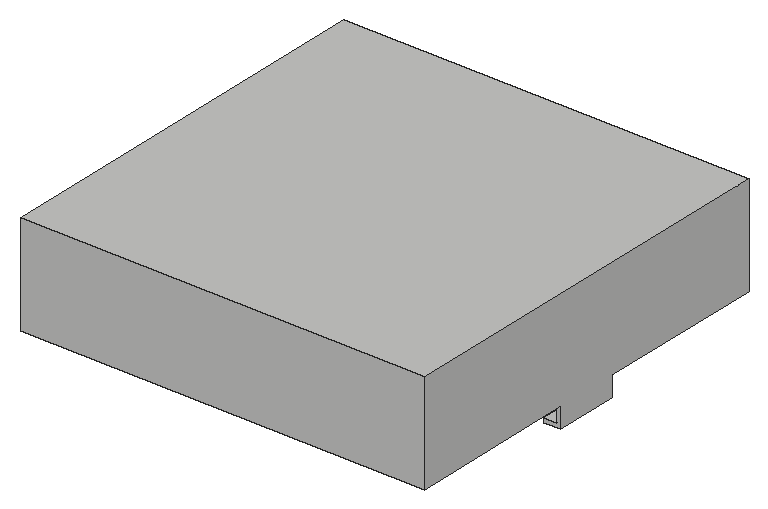
Revit family "Access_Panel-Wall_Ceiling_Door-Activar-Interior_Access-FDP", category Doors, host Face, Revit 2012
Parameters (values of type "See Type Catalog")
  ecoScorecard_data = ""
  ecoScorecard Product Page = "http://ecoscorecard.com/"
  Width = 10"
  Warranty URL = "http://www.activarcpg.com/sites/default/files/warranty/jl-industries/JL%20AP%20Warranty.pdf"
  URL = "http://www.activarcpg.com/"
  Submittal URL = "http://www.activarcpg.com/sites/default/files/submittals/JL/Access%20Panels/Access%20Panel_FDW_and_FDP_Submittal.pdf"
  Subcategory = "Access Panels"
  Shipping Weight = 6.00 lbf
  Rough Width = 9 5/8"
  Rough Height = 9 5/8"
  Product Page URL = "http://www.activarcpg.com/jl-industries/product/fdp"
  Product Line = "Fire-Rated Access Panels"
  Plasterguard Installation = yes
  Panel Type Use = "Plaster (Wall or Ceiling)"
  Options = "Additional Colors, Galvanized Finish, Mortise Slam Lock Prep (U3) or Mortise Slam Lock Installed (U4)."  # constant formula
  Opening Gap = 13/16"
  Number of Latches = 1
  Model = "FDP-0808UW"
  Manufacturer Toll Free Phone = "800-554-6077"
  Manufacturer Phone = "952-835-6850"
  Manufacturer Fax = "952-835-2218"
  Manufacturer Email = "mailto:Sales@activarcpg.com"
  Manufacturer Address = "9702 Newton Av S, Bloomington MN 55431"  # constant formula
  Manufacturer = "Activar Construction Products Group"  # constant formula
  Maitenance URL = "http://www.activarcpg.com/sites/default/files/InstallationMaint/JL/Access%20Panel%20Cleaning%20and%20Maintenance.pdf"
  Installation URL = ""
  Height = 10"
  Hardware = "Universal turn ring and key lock (U)."
  Frame = "16 gauge with 3/4” deep trim for application of plaster."  # constant formula
  Fire Rating Wall Installation = "1-1/2 hour UL“B” label in a 2 hour fire barrier. File # R13067-1. Maximum size 48” x 48”."
  Fire Rating Ceiling Installation = "Warnock Hersey listed for ceiling installations with 3 hour non-combustible rating or 1 hour combustible rating. File # WHI-495-PSH-0163. Maximum size 24” x 36”"
  Finish [instance] = Paint - Activar - Gray Powder Coat Primer
  Door = "2” thick, insulated 20 gauge steel with continuous hinge."
  Description = "Fire-Rated & Insulated Concealed Frame Access Panel"
  Default Elevation = 48"
  Custom Size Note = "Custom sizes are available.  Contact manufacturer for availability."  # constant formula
  Cost Info = "mailto:Sales@activarcpg.com"
  Color Availability = "Red (R), Black (BK), Flat Black (FB), Sand (S), AMS Beige (AB), SC Flat Beige (SB), Gray (G), Bronze (B), Silver (SI)"  # constant formula
  CSFM = "This product has been approved by the California State Fire Marshall (CSFM) pursuant to Section 13144.1 of the California Health and Safety Code. See CSFM Listing No 3330-1223:101 for allowable values and/or "
  Assembly Code = "C1020700"
  Anchors Available = "Masonry Anchors Standard"  # constant formula
  Additional Info URL = "http://www.activarcpg.com/sites/default/files/Specifications/Access%20Panels.doc"
  95 CSI = "08310"
  04 CSI = "08 31 16"
Reference planes (in)
  plane 1 "Center (Front/Back)": y = 0
  plane 2 "Not Reference": z = 0
  plane 3 "Center (Left/Right)": x = 0
  plane 4 "Left Opening": x = -4.8125
  plane 5 "Right Opening": x = 4.8125
  plane 6 "Top Opening": y = 4.8125
  plane 7 "Bottom Opening": y = -4.8125
  plane 8 "Host Level": z = 0
  plane 9 "Top": y = 5
  plane 10 "Base": y = -5
  plane 11 "Left": x = -5
  plane 12 "Right": x = 5
  plane 13: x = -4
  plane 14: x = 4
  plane 15: y = 4
  plane 16: y = -4
  plane 17: x = 3.59375
  plane 18 "Void Depth": z = -26
  plane 19: z = -0.75
  plane 20: z = -0.8
  plane 21: z = -2
  plane 22 "Front Void Top": z = 0.60508
Forms (in)
  Extrusion 1, void
    sketch origin (0, 0, 0) x (1, 0, 0) y (0, 1, 0)
      loop
        line (-4.8125, 4.8125) -> (-4.8125, -4.8125) -> (4.8125, -4.8125) -> (4.8125, 4.8125) -> (-4.8125, 4.8125)
    from -0.75 to -26
  Extrusion 2, solid, material "Paint - Activar - Gray Powder Coat Primer" <- "Finish"
    sketch origin (0, 0, 0) x (1, 0, 0) y (0, 1, 0)
      loop
        line (-4, 4) -> (-4, -4) -> (4, -4) -> (4, 4) -> (-4, 4)
    from -2 to 0
  Extrusion 3, solid, material "Paint - Activar - Gray Powder Coat Primer" <- "Finish"
    sketch origin (-0.16166, 0, 0.00229) x (1, 0, 0) y (0, 0, 1)
      loop
        line (4.16166, -2.00229) -> (4.07939, -2.00229) -> (4.07939, -2.31882) -> (3.82939, -2.31882) -> (3.82939, -2.40674) -> (4.16166, -2.40674) -> (4.16166, -2.00229)
    from -0.62189 to 0.63193
  Extrusion 4, void
    sketch origin (0, 0, 28) x (1, 0, 0) y (0, 1, 0)
      loop
        line (-4, 4) -> (-4, -4) -> (4, -4) -> (4, 4) -> (-4, 4)
    from -27.39492 to -28.75
Cuts and joins
  Extrusion 4 cuts Extrusion 3
  joined: Extrusion 2, Extrusion 3
Lines and regions (in)
  Masking region 1
    outline origin (0, 0, 0) x (1, 0, 0) y (0, 1, 0)
      loop
        line (-4, 4) -> (-4, -4) -> (4, -4) -> (4, 4) -> (-4, 4)
  Masking region 2
    outline origin (0, 5, 0) x (-1, 0, 0) y (0, 0, 1)
      loop
        line (-4, 0) -> (-4, -0.75) -> (-5, -0.75) -> (-5, -0.8) -> (-4, -0.8) -> (-4, -2.40446) -> (-3.66773, -2.40446) -> (-3.66773, -2.31653) -> (-3.91773, -2.31653) -> (-3.91773, -2) -> (3.91773, -2) -> (3.91773, -2.31653) -> (3.66773, -2.31653) -> (3.66773, -2.40446) -> (4, -2.40446) -> (4, -0.8) -> (5, -0.8) -> (5, -0.75) -> (4, -0.75) -> (4, 0) -> (-4, 0)
  model lines, detail levels medium+fine
    curve 1: line (3.8125, -3.8125, 0) -> (-3.8125, -3.8125, 0)
    curve 2: line (-3.8125, 3.8125, 0) -> (3.8125, 3.8125, 0)
    curve 3: line (-3.8125, -3.8125, 0) -> (-3.8125, 3.8125, 0)
    curve 4: line (3.8125, 3.8125, 0) -> (3.8125, -3.8125, 0)
  symbolic lines, detail levels medium+fine
    curve 5: line (-4.8125, 0, 0) -> (4.8125, 0, 0)
    curve 27: line (-4, 5, -0.125) -> (4, 5, -0.125)
    curve 28: line (3.8125, -3.8125, 0) -> (-3.8125, -3.8125, 0)
    curve 29: line (-3.8125, 3.8125, 0) -> (3.8125, 3.8125, 0)
    curve 30: line (-3.8125, -3.8125, 0) -> (-3.8125, 3.8125, 0)
    curve 31: line (3.8125, 3.8125, 0) -> (3.8125, -3.8125, 0)
  symbolic lines, detail levels fine
    curve 6: line (-4, 4.8125, 0) -> (-4, 4, 0)
    curve 10: circle (3.59375, 0, 0) r 0.18015 normal (0, 0, 1)
    curve 11: line (3.41541, 0.02549, 0) -> (3.77209, 0.02549, 0)
    curve 12: line (3.41541, -0.02549, 0) -> (3.77209, -0.02549, 0)
    curve 25: line (-4, 5, -2) -> (-3.91773, 5, -2)
    curve 26: line (4, 5, -2) -> (3.91773, 5, -2)
  model lines, detail levels fine
    curve 7: circle (3.59375, 0, 0) r 0.18015 normal (0, 0, 1)
    curve 8: line (3.41541, -0.02549, 0) -> (3.77209, -0.02549, 0)
    curve 9: line (3.41541, 0.02549, 0) -> (3.77209, 0.02549, 0)
  symbolic lines
    curve 13: line (-4, 5, 0) -> (4, 5, 0)
    curve 14: line (-5, -4, 0) -> (-5, 4, 0)
    curve 15: line (4, -5, 0) -> (-4, -5, 0)
    curve 16: line (5, 4, 0) -> (5, -4, 0)
    curve 17: line (-4, 5, 0) -> (-4, 4, 0)
    curve 18: line (-4, 4, 0) -> (-5, 4, 0)
    curve 19: line (4, 5, 0) -> (4, 4, 0)
    curve 20: line (4, 4, 0) -> (5, 4, 0)
    curve 21: line (5, -4, 0) -> (4, -4, 0)
    curve 22: line (4, -4, 0) -> (4, -5, 0)
    curve 23: line (-4, -5, 0) -> (-4, -4, 0)
    curve 24: line (-4, -4, 0) -> (-5, -4, 0)
    curve 32: line (-4, 0, 0) -> (-4, 0, 8)
    curve 33: arc (4, 0, 0) -> (1.65685, 0, 5.65685) -> (-4, 0, 8) r 8
Dimensions and locks (in)
  equal spacing: plane 4 "Left Opening", plane 3 "Center (Left/Right)", plane 5 "Right Opening"
  equal spacing: plane 6 "Top Opening", plane 1 "Center (Front/Back)", plane 7 "Bottom Opening"
  "Rough Width": plane 4 "Left Opening" to plane 5 "Right Opening"
  "Rough Height": plane 6 "Top Opening" to plane 7 "Bottom Opening"
  equal spacing: plane 11 "Left", plane 3 "Center (Left/Right)", plane 12 "Right"
  "Height": plane 9 "Top" to plane 10 "Base"
  "Width": plane 11 "Left" to plane 12 "Right"
  equal spacing: plane 9 "Top", plane 1 "Center (Front/Back)", plane 10 "Base"
  locked: plane 17 to plane 5 "Right Opening" at 1.21875
  "Opening Gap": plane 14 to plane 5 "Right Opening"
  "Opening Gap": plane 4 "Left Opening" to plane 13
  "Opening Gap": plane 6 "Top Opening" to plane 15
  "Opening Gap": plane 16 to plane 7 "Bottom Opening"
  plane 18 "Void Depth" to host face = 26"
  locked: plane 8 "Host Level" to plane 19 at 0.75
  locked: plane 19 to plane 20 at 0.05
  locked: plane 8 "Host Level" to plane 21 at 2
  locked: plane 8 "Host Level" to curve 27 at 0.125
  locked: curve 2 to plane 15 at 0.1875
  locked: curve 4 to plane 14 at 0.1875
  locked: plane 13 to curve 3 at 0.1875
  locked: curve 1 to plane 16 at 0.1875
  locked: plane 13 to curve 30 at 0.1875
  locked: curve 31 to plane 14 at 0.1875
  locked: curve 29 to plane 15 at 0.1875
  locked: curve 28 to plane 16 at 0.1875
  locked: plane 22 "Front Void Top" to plane 8 "Host Level" at 0.60508
  locked: plane 21 to Extrusion 3 sketch curve at 0.40446
  locked: Extrusion 3 sketch curve to Extrusion 3 sketch curve at 0.08792
  locked: plane 14 to Extrusion 3 sketch curve at 0.08227
  locked: plane 14 to Extrusion 3 sketch curve at 0.33227
  radius of curve 10 = 0.18015"
  radius of curve 7 = 0.18015"
  aligned and locked: plane 2 "Not Reference" to host face
  aligned and locked: level to host face
  aligned and locked: plane 4 "Left Opening" to Extrusion 1 sketch curve
  aligned and locked: Extrusion 1 sketch curve to plane 5 "Right Opening"
  aligned and locked: Extrusion 1 sketch curve to plane 6 "Top Opening"
  aligned and locked: plane 7 "Bottom Opening" to Extrusion 1 sketch curve
  aligned and locked: plane 2 "Not Reference" to plane 8 "Host Level"
  aligned and locked: plane 1 "Center (Front/Back)" to curve 7
  aligned and locked: plane 17 to curve 7
  aligned and locked: curve 9 to curve 11
  aligned and locked: curve 8 to curve 12
  aligned and locked: plane 13 to curve 6
  aligned and locked: plane 5 "Right Opening" to curve 5
  aligned and locked: plane 4 "Left Opening" to curve 5
  aligned and locked: Extrusion 1 to plane 18 "Void Depth"
  aligned and locked: plane 11 "Left" to curve 14
  aligned and locked: curve 13 to plane 9 "Top"
  aligned and locked: curve 16 to plane 12 "Right"
  aligned and locked: plane 10 "Base" to curve 15
  aligned and locked: Masking region 2 sketch curve to plane 12 "Right"
  aligned and locked: Masking region 2 sketch curve to plane 11 "Left"
  aligned and locked: plane 8 "Host Level" to curve 5
  aligned and locked: plane 13 to Extrusion 4 sketch curve
  aligned and locked: Extrusion 4 sketch curve to plane 15
  aligned and locked: Extrusion 4 sketch curve to plane 14
  aligned and locked: plane 16 to Extrusion 4 sketch curve
  aligned and locked: plane 13 to curve 25
  aligned and locked: curve 25 to plane 21
  aligned and locked: plane 14 to curve 26
  aligned and locked: curve 26 to cut or joined group of Extrusion 2, Extrusion 3, Extrusion 4
  aligned and locked: plane 21 to curve 26
  aligned and locked: plane 13 to curve 27
  aligned and locked: plane 14 to curve 27
  aligned and locked: curve 7 to curve 10
  aligned and locked: plane 19 to Extrusion 4
  aligned and locked: Extrusion 1 to plane 19
  aligned and locked: plane 22 "Front Void Top" to Extrusion 4
  aligned and locked: Extrusion 3 sketch curve to plane 14
  aligned and locked: Extrusion 3 sketch curve to plane 21
  aligned and locked: plane 14 to curve 33
  aligned and locked: plane 13 to curve 32
  aligned and locked: plane 8 "Host Level" to curve 32
Automatic sketch dimensions
  host sketch curve to host sketch curve = 14.64357"
  host sketch curve to host sketch curve = 14.46616"
  Extrusion 2 sketch curve to plane 13 = 0"
  Extrusion 2 sketch curve to plane 14 = 0"
  Extrusion 2 sketch curve to plane 16 = 0"
  Extrusion 2 sketch curve to plane 15 = 0"
  Masking region 1 sketch curve to plane 13 = 0"
  Masking region 1 sketch curve to plane 14 = 0"
  Masking region 1 sketch curve to plane 16 = 0"
  Masking region 1 sketch curve to plane 15 = 0"
  Masking region 2 sketch curve to plane 14 = 0"  (x2)
  Masking region 2 sketch curve to plane 21 = 0"
  Masking region 2 sketch curve to level = 0"
  Masking region 2 sketch curve to plane 13 = 0"  (x2)
  Masking region 2 sketch curve to plane 11 "Left" = 0"
  Masking region 2 sketch curve to plane 20 = 0"  (x2)
  Masking region 2 sketch curve to plane 19 = 0"  (x2)
  Masking region 2 sketch curve to plane 14 = 0.08227"
  plane 17 to Masking region 2 sketch curve = 0.07398"
  Masking region 2 sketch curve to Masking region 2 sketch curve = 0.33227"
  plane 13 to Masking region 2 sketch curve = 0.08227"
  Masking region 2 sketch curve to plane 21 = 0.31653"
  Masking region 2 sketch curve to Masking region 2 sketch curve = 0.31653"
  Masking region 2 sketch curve to Masking region 2 sketch curve = 0.08792"  (x2)
  curve 8 to curve 9 = 0"
  curve 8 to curve 7 = 0.02549"
  curve 23 to plane 13 = 0"
  curve 22 to plane 14 = 0"
  curve 13 to plane 14 = 0"
  curve 23 to plane 16 = 0"
  curve 21 to plane 16 = 0"
  curve 20 to plane 15 = 0"
  curve 6 to plane 15 = 0"
  curve 6 to plane 6 "Top Opening" = 0"
  plane 13 to curve 25 = 0.08227"
Types in the file's own list only (44): name | Width | Shipping Weight | Rough Width | Rough Height | Opening Gap | Number of Latches | Model | Height | CSFM
  Wall, 2 Hour Vertical Fire Barrier, 8" x 8" | 10" | 6.00 lb | 8 3/8" | 8 3/8" | 3/16" | 1 | "FDP-0808UW" | 10" | "This product has been approved by the California State Fire Marshall (CSFM) pursuant to Section 13144.1 of the California Health and Safety Code. See CSFM Listing No 3330-1223:101 for allowable values and/or"
  Wall, 2 Hour Vertical Fire Barrier, 10" x 10" | 12" | 8.00 lb | 10 3/8" | 10 3/8" | 3/16" | 1 | "FDP-1010UW" | 12" | "This product has been approved by the California State Fire Marshall (CSFM) pursuant to Section 13144.1 of the California Health and Safety Code. See CSFM Listing No 3330-1223:101 for allowable values and/or"
  Wall, 2 Hour Vertical Fire Barrier, 12" x 12" | 14" | 10.00 lb | 12 3/8" | 12 3/8" | 3/16" | 1 | "FDP-1212UW" | 14" | "This product has been approved by the California State Fire Marshall (CSFM) pursuant to Section 13144.1 of the California Health and Safety Code. See CSFM Listing No 3330-1223:101 for allowable values and/or"
  Wall, 2 Hour Vertical Fire Barrier, 14" x 14" | 16" | 12.00 lb | 14 3/8" | 14 3/8" | 3/16" | 1 | "FDP-1414UW" | 16" | "This product has been approved by the California State Fire Marshall (CSFM) pursuant to Section 13144.1 of the California Health and Safety Code. See CSFM Listing No 3330-1223:101 for allowable values and/or"
  Wall, 2 Hour Vertical Fire Barrier, 16" x 16" | 18" | 15.00 lb | 16 3/8" | 16 3/8" | 3/16" | 1 | "FDP-1616UW" | 18" | "This product has been approved by the California State Fire Marshall (CSFM) pursuant to Section 13144.1 of the California Health and Safety Code. See CSFM Listing No 3330-1223:101 for allowable values and/or"
  Wall, 2 Hour Vertical Fire Barrier, 18" x 18" | 20" | 17.00 lb | 18 3/8" | 18 3/8" | 3/16" | 1 | "FDP-1818UW" | 20" | "This product has been approved by the California State Fire Marshall (CSFM) pursuant to Section 13144.1 of the California Health and Safety Code. See CSFM Listing No 3330-1223:101 for allowable values and/or"
  Wall, 2 Hour Vertical Fire Barrier, 20" x 20" | 22" | 21.00 lb | 20 3/8" | 20 3/8" | 3/16" | 1 | "FDP-2020UW" | 22" | "This product has been approved by the California State Fire Marshall (CSFM) pursuant to Section 13144.1 of the California Health and Safety Code. See CSFM Listing No 3330-1223:101 for allowable values and/or"
  Wall, 2 Hour Vertical Fire Barrier, 20" x 30" | 22" | 28.00 lb | 20 3/8" | 30 3/8" | 3/16" | 1 | "FDP-2030UW" | 32" | "This product has been approved by the California State Fire Marshall (CSFM) pursuant to Section 13144.1 of the California Health and Safety Code. See CSFM Listing No 3330-1223:101 for allowable values and/or"
  Wall, 2 Hour Vertical Fire Barrier, 22" x 22" | 24" | 26.00 lb | 22 3/8" | 22 3/8" | 3/16" | 1 | "FDP-2222UW" | 24" | "This product has been approved by the California State Fire Marshall (CSFM) pursuant to Section 13144.1 of the California Health and Safety Code. See CSFM Listing No 3330-1223:101 for allowable values and/or"
  Wall, 2 Hour Vertical Fire Barrier, 22" x 30" | 24" | 29.00 lb | 22 3/8" | 30 3/8" | 3/16" | 1 | "FDP-2230UW" | 32" | "This product has been approved by the California State Fire Marshall (CSFM) pursuant to Section 13144.1 of the California Health and Safety Code. See CSFM Listing No 3330-1223:101 for allowable values and/or"
  Wall, 2 Hour Vertical Fire Barrier, 22" x 36" | 24" | 36.00 lb | 22 3/8" | 36 3/8" | 3/16" | 2 | "FDP-2236UW" | 38" | "This product has been approved by the California State Fire Marshall (CSFM) pursuant to Section 13144.1 of the California Health and Safety Code. See CSFM Listing No 3330-1223:101 for allowable values and/or"
  Wall, 2 Hour Vertical Fire Barrier, 24" x 24" | 26" | 27.00 lb | 24 3/8" | 24 3/8" | 3/16" | 1 | "FDP-2424UW" | 26" | "This product has been approved by the California State Fire Marshall (CSFM) pursuant to Section 13144.1 of the California Health and Safety Code. See CSFM Listing No 3330-1223:101 for allowable values and/or"
  Wall, 2 Hour Vertical Fire Barrier, 24" x 36" | 26" | 37.00 lb | 24 3/8" | 36 3/8" | 3/16" | 2 | "FDP-2436UW" | 38" | "This product has been approved by the California State Fire Marshall (CSFM) pursuant to Section 13144.1 of the California Health and Safety Code. See CSFM Listing No 3330-1223:101 for allowable values and/or"
  Wall, 2 Hour Vertical Fire Barrier, 24" x 48" | 26" | 54.00 lb | 24 3/8" | 48 3/8" | 3/16" | 2 | "FDP-2448UW" | 50" | "This product has been approved by the California State Fire Marshall (CSFM) pursuant to Section 13144.1 of the California Health and Safety Code. See CSFM Listing No 3330-1223:101 for allowable values and/or"
  Wall, 2 Hour Vertical Fire Barrier, 30" x 30" | 32" | 38.00 lb | 30 3/8" | 30 3/8" | 3/16" | 2 | "FDP-3030UW" | 32" | "This product has been approved by the California State Fire Marshall (CSFM) pursuant to Section 13144.1 of the California Health and Safety Code. See CSFM Listing No 3330-1223:101 for allowable values and/or"
  Wall, 2 Hour Vertical Fire Barrier, 32" x 32" | 34" | 43.00 lb | 32 3/8" | 32 3/8" | 3/16" | 2 | "FDP-3232UW" | 34" | "This product has been approved by the California State Fire Marshall (CSFM) pursuant to Section 13144.1 of the California Health and Safety Code. See CSFM Listing No 3330-1223:101 for allowable values and/or"
  Wall, 2 Hour Vertical Fire Barrier, 36" x 36" | 38" | 52.00 lb | 36 3/8" | 36 3/8" | 3/16" | 2 | "FDP-3636UW" | 38" | "This product has been approved by the California State Fire Marshall (CSFM) pursuant to Section 13144.1 of the California Health and Safety Code. See CSFM Listing No 3330-1223:101 for allowable values and/or"
  Wall, 2 Hour Vertical Fire Barrier, 36" x 48" | 38" | 61.00 lb | 36 3/8" | 48 3/8" | 3/16" | 2 | "FDP-3648UW" | 50" | "This product has been approved by the California State Fire Marshall (CSFM) pursuant to Section 13144.1 of the California Health and Safety Code. See CSFM Listing No 3330-1223:101 for allowable values and/or"
  Ceiling, 1 Hour Combustible, 8" x 8" | 10" | 6.00 lb | 8 3/8" | 8 3/8" | 3/16" | 1 | "FDP-0808UW" | 10" | "This product has been approved by the California State Fire Marshall (CSFM) pursuant to Section 13144.1 of the California Health and Safety Code. See CSFM Listing No 3330-1223:101 for allowable values and/or"
  Ceiling, 1 Hour Combustible, 10" x 10" | 12" | 8.00 lb | 10 3/8" | 10 3/8" | 3/16" | 1 | "FDP-1010UW" | 12" | "This product has been approved by the California State Fire Marshall (CSFM) pursuant to Section 13144.1 of the California Health and Safety Code. See CSFM Listing No 3330-1223:101 for allowable values and/or"
  Ceiling, 1 Hour Combustible, 12" x 12" | 14" | 10.00 lb | 12 3/8" | 12 3/8" | 3/16" | 1 | "FDP-1212UW" | 14" | "This product has been approved by the California State Fire Marshall (CSFM) pursuant to Section 13144.1 of the California Health and Safety Code. See CSFM Listing No 3330-1223:101 for allowable values and/or"
  Ceiling, 1 Hour Combustible, 14" x 14" | 16" | 12.00 lb | 14 3/8" | 14 3/8" | 3/16" | 1 | "FDP-1414UW" | 16" | "This product has been approved by the California State Fire Marshall (CSFM) pursuant to Section 13144.1 of the California Health and Safety Code. See CSFM Listing No 3330-1223:101 for allowable values and/or"
  Ceiling, 1 Hour Combustible, 16" x 16" | 18" | 15.00 lb | 16 3/8" | 16 3/8" | 3/16" | 1 | "FDP-1616UW" | 18" | "This product has been approved by the California State Fire Marshall (CSFM) pursuant to Section 13144.1 of the California Health and Safety Code. See CSFM Listing No 3330-1223:101 for allowable values and/or"
  Ceiling, 1 Hour Combustible, 18" x 18" | 20" | 17.00 lb | 18 3/8" | 18 3/8" | 3/16" | 1 | "FDP-1818UW" | 20" | "This product has been approved by the California State Fire Marshall (CSFM) pursuant to Section 13144.1 of the California Health and Safety Code. See CSFM Listing No 3330-1223:101 for allowable values and/or"
  Ceiling, 1 Hour Combustible, 20" x 20" | 22" | 21.00 lb | 20 3/8" | 20 3/8" | 3/16" | 1 | "FDP-2020UW" | 22" | "This product has been approved by the California State Fire Marshall (CSFM) pursuant to Section 13144.1 of the California Health and Safety Code. See CSFM Listing No 3330-1223:101 for allowable values and/or"
  Ceiling, 1 Hour Combustible, 20" x 30" | 22" | 28.00 lb | 20 3/8" | 30 3/8" | 3/16" | 1 | "FDP-2030UW" | 32" | "This product has been approved by the California State Fire Marshall (CSFM) pursuant to Section 13144.1 of the California Health and Safety Code. See CSFM Listing No 3330-1223:101 for allowable values and/or"
  Ceiling, 1 Hour Combustible, 22" x 22" | 24" | 26.00 lb | 22 3/8" | 22 3/8" | 3/16" | 1 | "FDP-2222UW" | 24" | "This product has been approved by the California State Fire Marshall (CSFM) pursuant to Section 13144.1 of the California Health and Safety Code. See CSFM Listing No 3330-1223:101 for allowable values and/or"
  Ceiling, 1 Hour Combustible, 22" x 30" | 24" | 29.00 lb | 22 3/8" | 30 3/8" | 3/16" | 1 | "FDP-2230UW" | 32" | "This product has been approved by the California State Fire Marshall (CSFM) pursuant to Section 13144.1 of the California Health and Safety Code. See CSFM Listing No 3330-1223:101 for allowable values and/or"
  Ceiling, 1 Hour Combustible, 22" x 36" | 24" | 36.00 lb | 22 3/8" | 36 3/8" | 3/16" | 2 | "FDP-2236UW" | 38" | "This product has been approved by the California State Fire Marshall (CSFM) pursuant to Section 13144.1 of the California Health and Safety Code. See CSFM Listing No 3330-1223:101 for allowable values and/or"
  Ceiling, 1 Hour Combustible, 24" x 24" | 26" | 27.00 lb | 24 3/8" | 24 3/8" | 3/16" | 1 | "FDP-2424UW" | 26" | "This product has been approved by the California State Fire Marshall (CSFM) pursuant to Section 13144.1 of the California Health and Safety Code. See CSFM Listing No 3330-1223:101 for allowable values and/or"
  Ceiling, 1 Hour Combustible, 24" x 36" | 26" | 37.00 lb | 24 3/8" | 36 3/8" | 3/16" | 2 | "FDP-2436UW" | 38" | "This product has been approved by the California State Fire Marshall (CSFM) pursuant to Section 13144.1 of the California Health and Safety Code. See CSFM Listing No 3330-1223:101 for allowable values and/or"
  Ceiling, 3 Hour Non_Combustible, 8" x 8" | 10" | 6.00 lb | 9 5/8" | 9 5/8" | 13/16" | 1 | "FDP-0808UW" | 10" | "This product has been approved by the California State Fire Marshall (CSFM) pursuant to Section 13144.1 of the California Health and Safety Code. See CSFM Listing No 3330-1223:101 for allowable values and/or"
  Ceiling, 3 Hour Non_Combustible, 10" x 10" | 12" | 8.00 lb | 11 5/8" | 11 5/8" | 13/16" | 1 | "FDP-1010UW" | 12" | "This product has been approved by the California State Fire Marshall (CSFM) pursuant to Section 13144.1 of the California Health and Safety Code. See CSFM Listing No 3330-1223:101 for allowable values and/or"
  Ceiling, 3 Hour Non_Combustible, 12" x 12" | 14" | 10.00 lb | 13 5/8" | 13 5/8" | 13/16" | 1 | "FDP-1212UW" | 14" | "This product has been approved by the California State Fire Marshall (CSFM) pursuant to Section 13144.1 of the California Health and Safety Code. See CSFM Listing No 3330-1223:101 for allowable values and/or"
  Ceiling, 3 Hour Non_Combustible, 14" x 14" | 16" | 12.00 lb | 15 5/8" | 15 5/8" | 13/16" | 1 | "FDP-1414UW" | 16" | "This product has been approved by the California State Fire Marshall (CSFM) pursuant to Section 13144.1 of the California Health and Safety Code. See CSFM Listing No 3330-1223:101 for allowable values and/or"
  Ceiling, 3 Hour Non_Combustible, 16" x 16" | 18" | 15.00 lb | 17 5/8" | 17 5/8" | 13/16" | 1 | "FDP-1616UW" | 18" | "This product has been approved by the California State Fire Marshall (CSFM) pursuant to Section 13144.1 of the California Health and Safety Code. See CSFM Listing No 3330-1223:101 for allowable values and/or"
  Ceiling, 3 Hour Non_Combustible, 18" x 18" | 20" | 17.00 lb | 19 5/8" | 19 5/8" | 13/16" | 1 | "FDP-1818UW" | 20" | "This product has been approved by the California State Fire Marshall (CSFM) pursuant to Section 13144.1 of the California Health and Safety Code. See CSFM Listing No 3330-1223:101 for allowable values and/or"
  Ceiling, 3 Hour Non_Combustible, 20" x 20" | 22" | 21.00 lb | 21 5/8" | 21 5/8" | 13/16" | 1 | "FDP-2020UW" | 22" | "This product has been approved by the California State Fire Marshall (CSFM) pursuant to Section 13144.1 of the California Health and Safety Code. See CSFM Listing No 3330-1223:101 for allowable values and/or"
  Ceiling, 3 Hour Non_Combustible, 20" x 30" | 22" | 28.00 lb | 21 5/8" | 31 5/8" | 13/16" | 1 | "FDP-2030UW" | 32" | "This product has been approved by the California State Fire Marshall (CSFM) pursuant to Section 13144.1 of the California Health and Safety Code. See CSFM Listing No 3330-1223:101 for allowable values and/or"
  Ceiling, 3 Hour Non_Combustible, 22" x 22" | 24" | 26.00 lb | 23 5/8" | 23 5/8" | 13/16" | 1 | "FDP-2222UW" | 24" | "This product has been approved by the California State Fire Marshall (CSFM) pursuant to Section 13144.1 of the California Health and Safety Code. See CSFM Listing No 3330-1223:101 for allowable values and/or"
  Ceiling, 3 Hour Non_Combustible, 22" x 30" | 24" | 29.00 lb | 23 5/8" | 31 5/8" | 13/16" | 1 | "FDP-2230UW" | 32" | "This product has been approved by the California State Fire Marshall (CSFM) pursuant to Section 13144.1 of the California Health and Safety Code. See CSFM Listing No 3330-1223:101 for allowable values and/or"
  Ceiling, 3 Hour Non_Combustible, 22" x 36" | 24" | 36.00 lb | 23 5/8" | 37 5/8" | 13/16" | 2 | "FDP-2236UW" | 38" | "This product has been approved by the California State Fire Marshall (CSFM) pursuant to Section 13144.1 of the California Health and Safety Code. See CSFM Listing No 3330-1223:101 for allowable values and/or"
  Ceiling, 3 Hour Non_Combustible, 24" x 24" | 26" | 27.00 lb | 25 5/8" | 25 5/8" | 13/16" | 1 | "FDP-2424UW" | 26" | "This product has been approved by the California State Fire Marshall (CSFM) pursuant to Section 13144.1 of the California Health and Safety Code. See CSFM Listing No 3330-1223:101 for allowable values and/or"
  Ceiling, 3 Hour Non_Combustible, 24" x 36" | 26" | 37.00 lb | 25 5/8" | 37 5/8" | 13/16" | 2 | "FDP-2436UW" | 38" | "This product has been approved by the California State Fire Marshall (CSFM) pursuant to Section 13144.1 of the California Health and Safety Code. See CSFM Listing No 3330-1223:101 for allowable values and/or"
